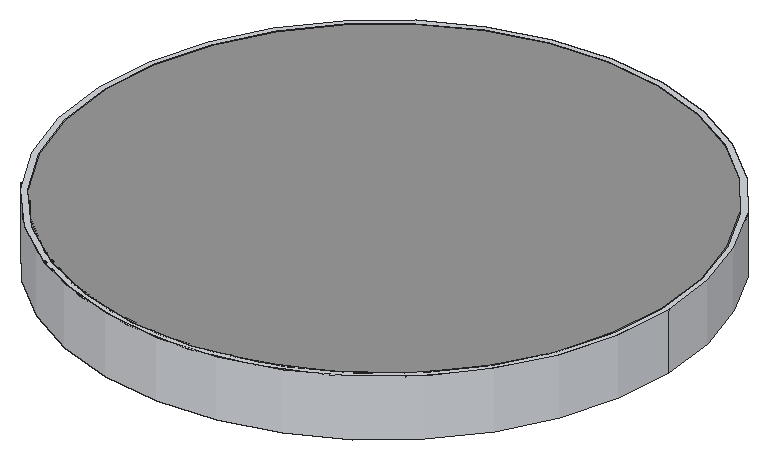
Revit family "2071227", category Lighting Fixtures, host Face, Revit 2018
Family settings
  Host = Face
  Round Connector Dimension = Use Diameter
  Part Type = Normal
  OmniClass Number = 23.80.70.00
  OmniClass Title = Lighting
  Cut with Voids When Loaded = No
  Light Source = Yes
  Shared = No
  Room Calculation Point = No
Parameters (values of type "2071227 COLOSSAL 600 940 PR DIR+H WHT")
  iner diameter = 588 mm
  Weight = "n/a"
  Wattage Comments = ""
  Wattage = 30 W
  WarrantyStartDate [instance] = "n/a"
  WarrantyGuarantorParts = "n/a"
  WarrantyDurationUnit = "n/a"
  WarrantyDurationParts = ""
  WarrantyDescription = "http://www.sylvania-lighting.com"
  built-in parameter 1150110 = 1 (stored number, unit not read)
  Voltage = 230 V
  URL = "0.95"
  TypeName = "COLOSSAL 600mm 940 PRISM DIR+HAL WHITE"
  Type Image = <None>
  Type Comments = "n/a"
  built-in parameter 1114217 = 1 (stored number, unit not read)
  Tilt Angle = -90.00°
  built-in parameter 1150109 = 1 (stored number, unit not read)
  built-in parameter 1150134 = (empty or 0)
  built-in parameter 1150113 = 1 (stored number, unit not read)
  SerialNumber [instance] = "n/a"
  Photometric Web File = "2071227.ies"
  Material_3_SYL = LED-Sylvania
  PowerFactor = 0
  PowerConsumption = "Lighting"
  NominalLength = 600 mm
  NominalHeight = 93 mm
  NominalDepth = 600 mm
  Name = "COLOSSAL 600mm 940 PRISM DIR+HAL WHITE"
  ModelReference = Name  # "COLOSSAL 600mm 940 PRISM DIR+HAL WHITE"
  ModelNumber = "2071227"
  Model = Name  # "COLOSSAL 600mm 940 PRISM DIR+HAL WHITE"
  Material = "Feilo Sylvania"
  ManufacturerName = "111 lm/W"
  Manufacturer = ""
  LuminousEfficacy = ""
  built-in parameter 1150105 = 270.44 (stored number, unit not read)
  Lumens = 3398.4 lm
  LuminaireType = "0"
  built-in parameter 1150115 = 1 (stored number, unit not read)
  LightOutputRatio = "LED"
  built-in parameter 1150137 = (empty or 0)
  built-in parameter 1150139 = (empty or 0)
  LampsType = Lamp  # "n/a"
  LampNominalLuminous = "4000 K"
  LampMacAdamStep = "90"
  LampColourTemperature = "LED"
  LampColourRenderingIndex = "16500"
  built-in parameter 1150112 = 1 (stored number, unit not read)
  built-in parameter 1150114 = 1 (stored number, unit not read)
  Lamp = "n/a"
  Keynote = "n/a"
  InstallationDate [instance] = "n/a"
  InputVoltage = "0"
  InputNominalFrequency = "4000"
  built-in parameter 1150132 = (empty or 0)
  built-in parameter 1150102 = (empty or 0)
  built-in parameter 1150107 = 3000 (stored number, unit not read)
  built-in parameter 1150138 = (empty or 0)
  IngressProtection = "IfcLightFixtureType"
  ImpactProtectionIndex = "IfcLightFixtureType"
  built-in parameter 1150106 = 2.7044 (stored number, unit not read)
  IfcExportType = "IfcLightFixtureType"
  IfcExportAs = "Class I"
  Emit from Circle Diameter = 385 mm
  Emit Shape Visible in Rendering = no
  ElectricShockClassification = "111"
  built-in parameter 1150104 = 10.524 (stored number, unit not read)
  DocumentationLiterature = "http://www.sylvania-lighting.com/product/en-int/products/2071227"
  DimmingControlOptions = "n/a"
  Material_2_SYL = Polycarbonate_Sylvania_White
  Dimming Lamp Color Temperature Shift = <None>
  Description = "600mm diameter circular architectural luminaire, can be surface mounted or suspended. Powder coated aluminium housing (RAL9016) with PMMA prismatic diffuser. Direct/indirect (halo) light distribution, 3485lm luminuous flux, 31.3W system power, 111lm/W luminiaire efficacy. Constant current driver. Colour rendering index Ra >90, 4000K Neutral White LED, chromaticity tolerance of 3-step MacAdam ellipse. IP40, IK03. 350mA drive current. UGR≤19. Electrical protection Class1, 220-240V. Reported lifetime 66k hours L90B10."
  Default Elevation = 1219.2 mm
  CreatedOn = "23/03/2022"
  CreatedBy = "@sylvania-lighting.com"
  Cost = 0
  Color Filter = 16777215
  built-in parameter 1114216 [instance] = (empty or 0)
  ClassificationValue = "EF_70_80"
  ClassificationName = "Uniclass2015"
  Material_1_SYL = Polycarbonate_Sylvania_Opal
  BarCode [instance] = "n/a"
  built-in parameter 1114218 = 1 (stored number, unit not read)
  built-in parameter 1150133 = 10 (stored number, unit not read)
  AssetType = "Fixed"
  AssetIdentifier [instance] = "n/a"
  Assembly Code = "D5020200"
  Apparent Load = 31.3 VA
  Material_4_SYL = none
Reference planes
  plane 1 "Center (Front/Back)": y = 0
  plane 2: z = 0
  plane 3 "Center (Left/Right)": x = 0
  plane 4: x = -300
  plane 5: x = 300
  plane 6: y = 300
  plane 7: y = -300
  plane 8: y = 212
  plane 9: y = -212
  plane 10: z = 93
  plane 11: y = 294
  plane 12: y = -294
  plane 13: through (0, 0, 1219.2) normal (0.5, -0.866, 0)
  plane 14: through (-134.29, 20.617, 1219.2) normal (0.5, -0.866, 0)
  plane 15: through (-144.685, -181.683, 1219.2) normal (-0.5, 0.866, 0)
  plane 16: through (0, 0, 1219.2) normal (0.5, 0.866, 0)
  plane 17: through (178.555, -4.939, 1219.2) normal (0.5, 0.866, 0)
  plane 18: through (87.581, -148.715, 1219.2) normal (0.5, 0.866, 0)
  plane 19: y = 272
  plane 20: through (105.168, 227.067, 1219.2) normal (0.866, 0.5, 0)
  plane 21: through (-104.171, 225.672, 1219.2) normal (0.8572, -0.515, 0)
  plane 22: y = -204.612
  plane 23: through (-296.643, -30.2, 1219.2) normal (0.866, 0.5, 0)
  plane 24: through (153.092, -278.837, 1219.2) normal (-0.866, 0.5, 0)
Forms (mm)
  Extrusion 1, solid, detail levels medium+fine
    sketch origin (0, 0, 0) x (1, 0, 0) y (0, 1, 0)
      loop
        circle (0, 0) r 300
    from 33.023 to 93
  Extrusion 2, void
    sketch origin (0, 0, 0) x (1, 0, 0) y (0, 1, 0)
      loop
        circle (0, 0) r 294
    from 93 to 37.292
  Extrusion 3, solid, material "Glass, White, High Luminance", detail levels fine
    sketch origin (0, 0, 0) x (1, 0, 0) y (0, 1, 0)
      loop
        circle (0, 0) r 294
    from 88.026 to 93
  Extrusion 4, solid, detail levels coarse
    sketch origin (0, 0, 0) x (1, 0, 0) y (0, 1, 0)
      loop
        line (-300, 300) -> (-300, -300) -> (300, -300) -> (300, 300) -> (-300, 300)
    from 0 to 93
  Blend 5, solid, detail levels medium+fine
    base sketch origin (0, 0, 0) x (1, 0, 0) y (0, 1, 0)
      loop
        line (-76.334, 272) -> (-277.665, -63.07) -> (-195.946, -204.612) -> (195.946, -204.612) -> (275.172, -67.388) -> (79.226, 272) -> (-76.334, 272)
    top sketch origin (0, 0, 0) x (1, 0, 0) y (0, 1, 0)
      loop
        line (-226.097, -32.388) -> (-141.097, -179.612) -> (141.097, -179.612) -> (226.097, -32.388) -> (85, 212) -> (-85, 212) -> (-226.097, -32.388)
    from 33.023 to 0
Cuts and joins
  Extrusion 2 cuts Extrusion 1
Lines and regions (mm)
  model lines
    curve 1: line (-85, 212, 0) -> (0, 212, 0)
    curve 2: line (0, 212, 0) -> (85, 212, 0)
Dimensions and locks
  "NominalDepth": plane 6 to plane 7
  "NominalLength": plane 4 to plane 5
  equal spacing: plane 4, plane 3 "Center (Left/Right)", plane 5
  "iner diameter": plane 11 to plane 12
  equal spacing: plane 11, plane 1 "Center (Front/Back)", plane 12
  equal spacing: plane 6, plane 1 "Center (Front/Back)", plane 7
  "NominalHeight": plane 10 to level
  radius of Extrusion 2 sketch curve = 294 mm
  aligned and locked: plane 2 to host face
  aligned and locked: level to host face
Automatic sketch dimensions
  host sketch curve to host sketch curve = 2438.4 mm  (x2)
  plane 1 "Center (Front/Back)" to Extrusion 1 sketch curve = 0 mm
  Extrusion 1 sketch curve to plane 3 "Center (Left/Right)" = 0 mm
  plane 1 "Center (Front/Back)" to Extrusion 2 sketch curve = 0 mm
  Extrusion 2 sketch curve to plane 3 "Center (Left/Right)" = 0 mm
  plane 1 "Center (Front/Back)" to Extrusion 3 sketch curve = 0 mm
  Extrusion 3 sketch curve to plane 3 "Center (Left/Right)" = 0 mm
  Extrusion 4 sketch curve to plane 4 = 0 mm
  Extrusion 4 sketch curve to plane 5 = 0 mm
  Extrusion 4 sketch curve to plane 7 = 0 mm
  Extrusion 4 sketch curve to plane 6 = 0 mm
  Blend 5 sketch curve to plane 8 = 0 mm
  Blend 5 sketch curve to plane 3 "Center (Left/Right)" = 85 mm
  plane 3 "Center (Left/Right)" to Blend 5 sketch curve = 85 mm
  plane 9 to Blend 5 sketch curve = 32.388 mm
  plane 3 "Center (Left/Right)" to Blend 5 sketch curve = 141.097 mm
  plane 1 "Center (Front/Back)" to Blend 5 sketch curve = 32.388 mm  (x2)
  Blend 5 sketch curve to plane 5 = 73.903 mm
  Blend 5 sketch curve to plane 3 "Center (Left/Right)" = 141.097 mm
  plane 4 to Blend 5 sketch curve = 73.903 mm
  curve 1 to plane 8 = 0 mm
  curve 2 to plane 3 "Center (Left/Right)" = 0 mm
  curve 1 to plane 3 "Center (Left/Right)" = 85 mm
  curve 1 to curve 2 = 85 mm
  Blend 5 sketch curve to plane 21 = 0 mm
  Blend 5 sketch curve to plane 23 = 0 mm  (x2)
  Blend 5 sketch curve to plane 22 = 0 mm
  Blend 5 sketch curve to plane 19 = 0 mm
  plane 21 to Blend 5 sketch curve = 0 mm
  Blend 5 sketch curve to plane 20 = 0 mm  (x2)
  Blend 5 sketch curve to plane 24 = 0 mm  (x2)
  radius of Extrusion 1 sketch curve = 300 mm
  radius of Extrusion 3 sketch curve = 294 mm
Connectors
  electrical at (0, 0, 0), driven by "Apparent Load", driven by "PowerFactor", driven by "Voltage"
    settings: index 1, voltage 230 V, apparent load 31.3 VA, apparent load phase1 0 VA, apparent load phase2 0 VA, apparent load phase3 0 VA, power factor 0, load classification "Lighting", number of poles 1, system type 30, power factor state 1, is connector primary yes, connector utility no, sub classification motor no, connector description ""
